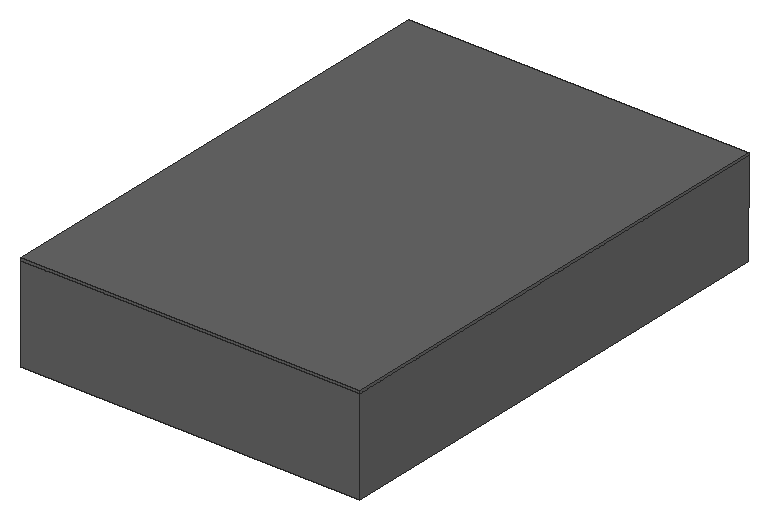
Revit family "Control_Panels-Lutron-Panel_Enclosure-LV21 NEW", category Electrical Equipment, host Face, Revit 2017
Family settings
  Host = Face
  Panel Configuration = Two Columns, Circuits Across
  Round Connector Dimension = Use Radius
  Part Type = Panelboard
  OmniClass Number = 23.80.30.11.17
  OmniClass Title = Distribution Boards and Control Panels
  Cut with Voids When Loaded = No
  Shared = No
  Room Calculation Point = No
Parameters (values of type "HQ-LV21-120")
  Wattage = ""
  Warranty URL = "http://www.lutron.com/en-US/Service-Support/Pages/Service/Warranty/Warranty.aspx"
  Voltage = "120.00 V"
  Video Link = "https://www.youtube.com/user/LutronElectronicsInc"
  Version = "2017 - v1.0a"  # constant formula
  Unit Weight = 0.00 lbf
  URL = "http://www.lutron.com"
  Type Comments = ""
  Surface = not(Recessed)  # yes
  Support Phone = "(224) 699-9545"  # constant formula
  Support Email = "mailto: support@anguleris.com"
  built-in parameter 1140142 = (empty or 0)
  built-in parameter 1140080 [instance] = (empty or 0)
  Series = "HomeWorks QS"  # constant formula
  Recessed = no
  Product Page URL = "http://www.lutron.com/en-US/Products/Pages/WholeHomeSystems/Homeworksqs/Overview.aspx"
  Product Name = "Low-Voltage Enclosure"  # constant formula
  Product Documentation Link = "http://www.lutron.com/TechnicalDocumentLibrary/369-381b_ENG.pdf"
  Power Factor = 1
  Phase = 1
  Performance URL = "http://www.lutron.com/en-US/Service-Support/Pages/Technical/PerfomanceSpecs.aspx"
  Panel Name [instance] = "HQ-LV21-120"
  Overall Width = 14 3/8"  # constant formula
  Overall Height = 21"  # constant formula
  Overall Depth = 4 23/256"  # constant formula
  Offset C = if(Recessed, 0", 4 23/256")  # 4 23/256"
  Number of Poles = 1
  Neutral Rating = 0.00%
  built-in parameter 1140145 = 1
  built-in parameter 1140081 [instance] = if(Recessed, "Recessed", "Surface")  # "Surface"
  built-in parameter 1140084 [instance] = (empty or 0)
  Model = "HQ-LV21-120"
  built-in parameter 1140079 [instance] = 8
  Material = ""
  Manufacturer Phone Number = "610-282-3800"  # constant formula
  Manufacturer Fax Number = "610-282-1243"  # constant formula
  Manufacturer Email = "mailto:support@lutron.com"
  Manufacturer Address = "7200 Suter Rd, Coopersburg, PA 18036"  # constant formula
  Manufacturer = "Lutron Electronics Co., Inc"  # constant formula
  Mains Type = ""
  built-in parameter 1140082 [instance] = 1 (stored number, unit not read)
  built-in parameter 1140140 = 1 (stored number, unit not read)
  Load Classification = Power
  Keynote = ""
  Instruction Sheet Link = "http://www.lutron.com/TechnicalDocumentLibrary/032164a.pdf"
  Ground Bus = yes
  Frequency = 60 Hz
  Finish = Steel - Lutron - Black
  Feed Through Control Circuit Voltage = 1.03572 V
  Feed Through Control Circuit Load [instance] = 0 VA
  built-in parameter 1140138 [instance] = "120 V"
  built-in parameter 1140083 [instance] = "21-inch Low-Voltage Enclosure (Model HQ-LV21-120)"
  Electrical Potential = 1.03572 V
  Description = "Low-Voltage Enclosure"  # constant formula
  Default Elevation = 0"
  Cost Info = "mailto:custsvc@lutron.com"
  Cost = 0
  Copyright = "© 2019 Lutron Electronics Co., Inc."  # constant formula
  built-in parameter 1140086 [instance] = (empty or 0)
  built-in parameter 1140085 [instance] = (empty or 0)
  built-in parameter 1140087 [instance] = 1
  built-in parameter 1140143 = (empty or 0)
  Assembly Code = "D5020"
Types (2): name | Voltage | Panel Name | Model | Feed Through Control Circuit Voltage | built-in parameter 1140138 | built-in parameter 1140083 | Electrical Potential
  HQ-LV21-120 | "120.00 V" | "HQ-LV21-120" | "HQ-LV21-120" | 1.03572 V | "120 V" | "21-inch Low-Voltage Enclosure (Model HQ-LV21-120)" | 1.03572 V
  L-LV21-230 | "230.00 V" | "L-LV21-230" | "L-LV21-230" | 1.04 V | "230 V" | "21-inch Low-Voltage Enclosure (Model L-LV21)" | 1.04 V
Reference planes (in)
  plane 1 "Center (Front/Back)": y = 0
  plane 2: z = 0
  plane 3 "Center (Left/Right)": x = 0
  plane 4: y = 21
  plane 5: x = 7.1875
  plane 6: x = -7.1875
  plane 7: z = 4.21484
  plane 8: x = 7.3375
  plane 9: x = -7.3375
  plane 10: y = 10.5
  plane 11: z = 4.08984
  plane 12: z = 0.00184
Forms (in)
  Extrusion 1, solid, material "Steel - Lutron - Black" <- "Finish"
    sketch origin (-60, -180, 12) x (-1, 0, 0) y (0, -1, 0)
      loop
        line (-52.6625, -201) -> (-52.6625, -180) -> (-67.3375, -180) -> (-67.3375, -201) -> (-52.6625, -201)
    from -11.99816 to -7.91016
  Extrusion 2, solid, material "Steel - Lutron - Black" <- "Finish"
    sketch origin (-60, -180, 12) x (-1, 0, 0) y (0, -1, 0)
      loop
        line (-52.6625, -201) -> (-52.6625, -180) -> (-67.3375, -180) -> (-67.3375, -201) -> (-52.6625, -201)
    from -7.91016 to -7.78516
Lines and regions (in)
  Split face 1
    outline origin (-60, -180, 4.21484) x (-1, 0, 0) y (0, -1, 0)
      loop
        line (-60.70313, -183.8125) -> (-64, -183.8125) -> (-64, -193.53125) -> (-60.70313, -193.53125) -> (-60.70313, -183.8125)
  Masking region 1
    outline origin (0, 0, 0) x (1, 0, 0) y (0, 0, 1)
      loop
        line (-7.3375, 4.21484) -> (-7.3375, 0) -> (7.3375, 0) -> (7.3375, 4.21484) -> (-7.3375, 4.21484)
  symbolic lines, detail levels fine
    curve 1: line (7.1875, 0, 0) -> (-7.1875, 0, 0)
    curve 6: line (4.14832, 19.04897, 12) -> (3.19792, 19.04897, 12)
    curve 7: line (4.14832, 18.79897, 12) -> (4.14832, 19.04897, 12)
    curve 8: line (3.19792, 18.79897, 12) -> (4.14832, 18.79897, 12)
    curve 9: line (3.19792, 19.04897, 12) -> (3.19792, 18.79897, 12)
    curve 10: line (4.14832, 18.67695, 12) -> (3.19792, 18.67695, 12)
    curve 11: line (4.14832, 18.42695, 12) -> (4.14832, 18.67695, 12)
    curve 12: line (3.19792, 18.42695, 12) -> (4.14832, 18.42695, 12)
    curve 13: line (3.19792, 18.67695, 12) -> (3.19792, 18.42695, 12)
    curve 14: line (4.14832, 18.30493, 12) -> (3.19792, 18.30493, 12)
    curve 15: line (4.14832, 18.05493, 12) -> (4.14832, 18.30493, 12)
    curve 16: line (3.19792, 18.05493, 12) -> (4.14832, 18.05493, 12)
    curve 17: line (3.19792, 18.30493, 12) -> (3.19792, 18.05493, 12)
    curve 22: line (3.03151, 19.04897, 12) -> (2.08112, 19.04897, 12)
    curve 23: line (3.03151, 18.79897, 12) -> (3.03151, 19.04897, 12)
    curve 24: line (2.08112, 18.79897, 12) -> (3.03151, 18.79897, 12)
    curve 25: line (2.08112, 19.04897, 12) -> (2.08112, 18.79897, 12)
    curve 26: line (3.03151, 18.67695, 12) -> (2.08112, 18.67695, 12)
    curve 27: line (3.03151, 18.42695, 12) -> (3.03151, 18.67695, 12)
    curve 28: line (2.08112, 18.42695, 12) -> (3.03151, 18.42695, 12)
    curve 29: line (2.08112, 18.67695, 12) -> (2.08112, 18.42695, 12)
    curve 30: line (3.03151, 18.30493, 12) -> (2.08112, 18.30493, 12)
    curve 31: line (3.03151, 18.05493, 12) -> (3.03151, 18.30493, 12)
    curve 32: line (2.08112, 18.05493, 12) -> (3.03151, 18.05493, 12)
    curve 33: line (2.08112, 18.30493, 12) -> (2.08112, 18.05493, 12)
    curve 34: line (1.91471, 19.04897, 12) -> (0.96432, 19.04897, 12)
    curve 35: line (1.91471, 18.79897, 12) -> (1.91471, 19.04897, 12)
    curve 36: line (0.96432, 18.79897, 12) -> (1.91471, 18.79897, 12)
    curve 37: line (0.96432, 19.04897, 12) -> (0.96432, 18.79897, 12)
    curve 38: line (1.91471, 18.67695, 12) -> (0.96432, 18.67695, 12)
    curve 39: line (1.91471, 18.42695, 12) -> (1.91471, 18.67695, 12)
    curve 40: line (0.96432, 18.42695, 12) -> (1.91471, 18.42695, 12)
    curve 41: line (0.96432, 18.67695, 12) -> (0.96432, 18.42695, 12)
    curve 42: line (1.91471, 18.30493, 12) -> (0.96432, 18.30493, 12)
    curve 43: line (1.91471, 18.05493, 12) -> (1.91471, 18.30493, 12)
    curve 44: line (0.96432, 18.05493, 12) -> (1.91471, 18.05493, 12)
    curve 45: line (0.96432, 18.30493, 12) -> (0.96432, 18.05493, 12)
    curve 46: line (0.79791, 19.04897, 12) -> (-0.15248, 19.04897, 12)
    curve 47: line (0.79791, 18.79897, 12) -> (0.79791, 19.04897, 12)
    curve 48: line (-0.15248, 18.79897, 12) -> (0.79791, 18.79897, 12)
    curve 49: line (-0.15248, 19.04897, 12) -> (-0.15248, 18.79897, 12)
    curve 50: line (0.79791, 18.67695, 12) -> (-0.15248, 18.67695, 12)
    curve 51: line (0.79791, 18.42695, 12) -> (0.79791, 18.67695, 12)
    curve 52: line (-0.15248, 18.42695, 12) -> (0.79791, 18.42695, 12)
    curve 53: line (-0.15248, 18.67695, 12) -> (-0.15248, 18.42695, 12)
    curve 54: line (0.79791, 18.30493, 12) -> (-0.15248, 18.30493, 12)
    curve 55: line (0.79791, 18.05493, 12) -> (0.79791, 18.30493, 12)
    curve 56: line (-0.15248, 18.05493, 12) -> (0.79791, 18.05493, 12)
    curve 57: line (-0.15248, 18.30493, 12) -> (-0.15248, 18.05493, 12)
    curve 58: line (-0.31889, 19.04897, 12) -> (-1.26929, 19.04897, 12)
    curve 59: line (-0.31889, 18.79897, 12) -> (-0.31889, 19.04897, 12)
    curve 60: line (-1.26929, 18.79897, 12) -> (-0.31889, 18.79897, 12)
    curve 61: line (-1.26929, 19.04897, 12) -> (-1.26929, 18.79897, 12)
    curve 62: line (-0.31889, 18.67695, 12) -> (-1.26929, 18.67695, 12)
    curve 63: line (-0.31889, 18.42695, 12) -> (-0.31889, 18.67695, 12)
    curve 64: line (-1.26929, 18.42695, 12) -> (-0.31889, 18.42695, 12)
    curve 65: line (-1.26929, 18.67695, 12) -> (-1.26929, 18.42695, 12)
    curve 66: line (-0.31889, 18.30493, 12) -> (-1.26929, 18.30493, 12)
    curve 67: line (-0.31889, 18.05493, 12) -> (-0.31889, 18.30493, 12)
    curve 68: line (-1.26929, 18.05493, 12) -> (-0.31889, 18.05493, 12)
    curve 69: line (-1.26929, 18.30493, 12) -> (-1.26929, 18.05493, 12)
    curve 70: line (-1.4357, 19.04897, 12) -> (-2.38609, 19.04897, 12)
    curve 71: line (-1.4357, 18.79897, 12) -> (-1.4357, 19.04897, 12)
    curve 72: line (-2.38609, 18.79897, 12) -> (-1.4357, 18.79897, 12)
    curve 73: line (-2.38609, 19.04897, 12) -> (-2.38609, 18.79897, 12)
    curve 74: line (-1.4357, 18.67695, 12) -> (-2.38609, 18.67695, 12)
    curve 75: line (-1.4357, 18.42695, 12) -> (-1.4357, 18.67695, 12)
    curve 76: line (-2.38609, 18.42695, 12) -> (-1.4357, 18.42695, 12)
    curve 77: line (-2.38609, 18.67695, 12) -> (-2.38609, 18.42695, 12)
    curve 78: line (-1.4357, 18.30493, 12) -> (-2.38609, 18.30493, 12)
    curve 79: line (-1.4357, 18.05493, 12) -> (-1.4357, 18.30493, 12)
    curve 80: line (-2.38609, 18.05493, 12) -> (-1.4357, 18.05493, 12)
    curve 81: line (-2.38609, 18.30493, 12) -> (-2.38609, 18.05493, 12)
    curve 82: line (-2.5525, 19.04897, 12) -> (-3.50289, 19.04897, 12)
    curve 83: line (-2.5525, 18.79897, 12) -> (-2.5525, 19.04897, 12)
    curve 84: line (-3.50289, 18.79897, 12) -> (-2.5525, 18.79897, 12)
    curve 85: line (-3.50289, 19.04897, 12) -> (-3.50289, 18.79897, 12)
    curve 86: line (-2.5525, 18.67695, 12) -> (-3.50289, 18.67695, 12)
    curve 87: line (-2.5525, 18.42695, 12) -> (-2.5525, 18.67695, 12)
    curve 88: line (-3.50289, 18.42695, 12) -> (-2.5525, 18.42695, 12)
    curve 89: line (-3.50289, 18.67695, 12) -> (-3.50289, 18.42695, 12)
    curve 90: line (-2.5525, 18.30493, 12) -> (-3.50289, 18.30493, 12)
    curve 91: line (-2.5525, 18.05493, 12) -> (-2.5525, 18.30493, 12)
    curve 92: line (-3.50289, 18.05493, 12) -> (-2.5525, 18.05493, 12)
    curve 93: line (-3.50289, 18.30493, 12) -> (-3.50289, 18.05493, 12)
    curve 94: line (4.14832, 17.67302, 12) -> (3.19792, 17.67302, 12)
    curve 95: line (4.14832, 17.42302, 12) -> (4.14832, 17.67302, 12)
    curve 96: line (3.19792, 17.42302, 12) -> (4.14832, 17.42302, 12)
    curve 97: line (3.19792, 17.67302, 12) -> (3.19792, 17.42302, 12)
    curve 98: line (4.14832, 17.301, 12) -> (3.19792, 17.301, 12)
    curve 99: line (4.14832, 17.051, 12) -> (4.14832, 17.301, 12)
    curve 100: line (3.19792, 17.051, 12) -> (4.14832, 17.051, 12)
    curve 101: line (3.19792, 17.301, 12) -> (3.19792, 17.051, 12)
    curve 102: line (4.14832, 16.92898, 12) -> (3.19792, 16.92898, 12)
    curve 103: line (4.14832, 16.67898, 12) -> (4.14832, 16.92898, 12)
    curve 104: line (3.19792, 16.67898, 12) -> (4.14832, 16.67898, 12)
    curve 105: line (3.19792, 16.92898, 12) -> (3.19792, 16.67898, 12)
    curve 106: line (3.03151, 17.67302, 12) -> (2.08112, 17.67302, 12)
    curve 107: line (3.03151, 17.42302, 12) -> (3.03151, 17.67302, 12)
    curve 108: line (2.08112, 17.42302, 12) -> (3.03151, 17.42302, 12)
    curve 109: line (2.08112, 17.67302, 12) -> (2.08112, 17.42302, 12)
    curve 110: line (3.03151, 17.301, 12) -> (2.08112, 17.301, 12)
    curve 111: line (3.03151, 17.051, 12) -> (3.03151, 17.301, 12)
    curve 112: line (2.08112, 17.051, 12) -> (3.03151, 17.051, 12)
    curve 113: line (2.08112, 17.301, 12) -> (2.08112, 17.051, 12)
    curve 114: line (3.03151, 16.92898, 12) -> (2.08112, 16.92898, 12)
    curve 115: line (3.03151, 16.67898, 12) -> (3.03151, 16.92898, 12)
    curve 116: line (2.08112, 16.67898, 12) -> (3.03151, 16.67898, 12)
    curve 117: line (2.08112, 16.92898, 12) -> (2.08112, 16.67898, 12)
    curve 118: line (1.91471, 17.67302, 12) -> (0.96432, 17.67302, 12)
    curve 119: line (1.91471, 17.42302, 12) -> (1.91471, 17.67302, 12)
    curve 120: line (0.96432, 17.42302, 12) -> (1.91471, 17.42302, 12)
    curve 121: line (0.96432, 17.67302, 12) -> (0.96432, 17.42302, 12)
    curve 122: line (1.91471, 17.301, 12) -> (0.96432, 17.301, 12)
    curve 123: line (1.91471, 17.051, 12) -> (1.91471, 17.301, 12)
    curve 124: line (0.96432, 17.051, 12) -> (1.91471, 17.051, 12)
    curve 125: line (0.96432, 17.301, 12) -> (0.96432, 17.051, 12)
    curve 126: line (1.91471, 16.92898, 12) -> (0.96432, 16.92898, 12)
    curve 127: line (1.91471, 16.67898, 12) -> (1.91471, 16.92898, 12)
    curve 128: line (0.96432, 16.67898, 12) -> (1.91471, 16.67898, 12)
    curve 129: line (0.96432, 16.92898, 12) -> (0.96432, 16.67898, 12)
    curve 130: line (0.79791, 17.67302, 12) -> (-0.15248, 17.67302, 12)
    curve 131: line (0.79791, 17.42302, 12) -> (0.79791, 17.67302, 12)
    curve 132: line (-0.15248, 17.42302, 12) -> (0.79791, 17.42302, 12)
    curve 133: line (-0.15248, 17.67302, 12) -> (-0.15248, 17.42302, 12)
    curve 134: line (0.79791, 17.301, 12) -> (-0.15248, 17.301, 12)
    curve 135: line (0.79791, 17.051, 12) -> (0.79791, 17.301, 12)
    curve 136: line (-0.15248, 17.051, 12) -> (0.79791, 17.051, 12)
    curve 137: line (-0.15248, 17.301, 12) -> (-0.15248, 17.051, 12)
    curve 138: line (0.79791, 16.92898, 12) -> (-0.15248, 16.92898, 12)
    curve 139: line (0.79791, 16.67898, 12) -> (0.79791, 16.92898, 12)
    curve 140: line (-0.15248, 16.67898, 12) -> (0.79791, 16.67898, 12)
    curve 141: line (-0.15248, 16.92898, 12) -> (-0.15248, 16.67898, 12)
    curve 142: line (-0.31889, 17.67302, 12) -> (-1.26929, 17.67302, 12)
    curve 143: line (-0.31889, 17.42302, 12) -> (-0.31889, 17.67302, 12)
    curve 144: line (-1.26929, 17.42302, 12) -> (-0.31889, 17.42302, 12)
    curve 145: line (-1.26929, 17.67302, 12) -> (-1.26929, 17.42302, 12)
    curve 146: line (-0.31889, 17.301, 12) -> (-1.26929, 17.301, 12)
    curve 147: line (-0.31889, 17.051, 12) -> (-0.31889, 17.301, 12)
    curve 148: line (-1.26929, 17.051, 12) -> (-0.31889, 17.051, 12)
    curve 149: line (-1.26929, 17.301, 12) -> (-1.26929, 17.051, 12)
    curve 150: line (-0.31889, 16.92898, 12) -> (-1.26929, 16.92898, 12)
    curve 151: line (-0.31889, 16.67898, 12) -> (-0.31889, 16.92898, 12)
    curve 152: line (-1.26929, 16.67898, 12) -> (-0.31889, 16.67898, 12)
    curve 153: line (-1.26929, 16.92898, 12) -> (-1.26929, 16.67898, 12)
    curve 154: line (-1.4357, 17.67302, 12) -> (-2.38609, 17.67302, 12)
    curve 155: line (-1.4357, 17.42302, 12) -> (-1.4357, 17.67302, 12)
    curve 156: line (-2.38609, 17.42302, 12) -> (-1.4357, 17.42302, 12)
    curve 157: line (-2.38609, 17.67302, 12) -> (-2.38609, 17.42302, 12)
    curve 158: line (-1.4357, 17.301, 12) -> (-2.38609, 17.301, 12)
    curve 159: line (-1.4357, 17.051, 12) -> (-1.4357, 17.301, 12)
    curve 160: line (-2.38609, 17.051, 12) -> (-1.4357, 17.051, 12)
    curve 161: line (-2.38609, 17.301, 12) -> (-2.38609, 17.051, 12)
    curve 162: line (-1.4357, 16.92898, 12) -> (-2.38609, 16.92898, 12)
    curve 163: line (-1.4357, 16.67898, 12) -> (-1.4357, 16.92898, 12)
    curve 164: line (-2.38609, 16.67898, 12) -> (-1.4357, 16.67898, 12)
    curve 165: line (-2.38609, 16.92898, 12) -> (-2.38609, 16.67898, 12)
    curve 166: line (-2.5525, 17.67302, 12) -> (-3.50289, 17.67302, 12)
    curve 167: line (-2.5525, 17.42302, 12) -> (-2.5525, 17.67302, 12)
    curve 168: line (-3.50289, 17.42302, 12) -> (-2.5525, 17.42302, 12)
    curve 169: line (-3.50289, 17.67302, 12) -> (-3.50289, 17.42302, 12)
    curve 170: line (-2.5525, 17.301, 12) -> (-3.50289, 17.301, 12)
    curve 171: line (-2.5525, 17.051, 12) -> (-2.5525, 17.301, 12)
    curve 172: line (-3.50289, 17.051, 12) -> (-2.5525, 17.051, 12)
    curve 173: line (-3.50289, 17.301, 12) -> (-3.50289, 17.051, 12)
    curve 174: line (-2.5525, 16.92898, 12) -> (-3.50289, 16.92898, 12)
    curve 175: line (-2.5525, 16.67898, 12) -> (-2.5525, 16.92898, 12)
    curve 176: line (-3.50289, 16.67898, 12) -> (-2.5525, 16.67898, 12)
    curve 177: line (-3.50289, 16.92898, 12) -> (-3.50289, 16.67898, 12)
    curve 178: line (4.14832, 16.34327, 12) -> (3.19792, 16.34327, 12)
    curve 179: line (4.14832, 16.09327, 12) -> (4.14832, 16.34327, 12)
    curve 180: line (3.19792, 16.09327, 12) -> (4.14832, 16.09327, 12)
    curve 181: line (3.19792, 16.34327, 12) -> (3.19792, 16.09327, 12)
    curve 182: line (4.14832, 15.97125, 12) -> (3.19792, 15.97125, 12)
    curve 183: line (4.14832, 15.72125, 12) -> (4.14832, 15.97125, 12)
    curve 184: line (3.19792, 15.72125, 12) -> (4.14832, 15.72125, 12)
    curve 185: line (3.19792, 15.97125, 12) -> (3.19792, 15.72125, 12)
    curve 186: line (4.14832, 15.59923, 12) -> (3.19792, 15.59923, 12)
    curve 187: line (4.14832, 15.34923, 12) -> (4.14832, 15.59923, 12)
    curve 188: line (3.19792, 15.34923, 12) -> (4.14832, 15.34923, 12)
    curve 189: line (3.19792, 15.59923, 12) -> (3.19792, 15.34923, 12)
    curve 190: line (3.03151, 16.34327, 12) -> (2.08112, 16.34327, 12)
    curve 191: line (3.03151, 16.09327, 12) -> (3.03151, 16.34327, 12)
    curve 192: line (2.08112, 16.09327, 12) -> (3.03151, 16.09327, 12)
    curve 193: line (2.08112, 16.34327, 12) -> (2.08112, 16.09327, 12)
    curve 194: line (3.03151, 15.97125, 12) -> (2.08112, 15.97125, 12)
    curve 195: line (3.03151, 15.72125, 12) -> (3.03151, 15.97125, 12)
    curve 196: line (2.08112, 15.72125, 12) -> (3.03151, 15.72125, 12)
    curve 197: line (2.08112, 15.97125, 12) -> (2.08112, 15.72125, 12)
    curve 198: line (3.03151, 15.59923, 12) -> (2.08112, 15.59923, 12)
    curve 199: line (3.03151, 15.34923, 12) -> (3.03151, 15.59923, 12)
    curve 200: line (2.08112, 15.34923, 12) -> (3.03151, 15.34923, 12)
    curve 201: line (2.08112, 15.59923, 12) -> (2.08112, 15.34923, 12)
    curve 202: line (1.91471, 16.34327, 12) -> (0.96432, 16.34327, 12)
    curve 203: line (1.91471, 16.09327, 12) -> (1.91471, 16.34327, 12)
    curve 204: line (0.96432, 16.09327, 12) -> (1.91471, 16.09327, 12)
    curve 205: line (0.96432, 16.34327, 12) -> (0.96432, 16.09327, 12)
    curve 206: line (1.91471, 15.97125, 12) -> (0.96432, 15.97125, 12)
    curve 207: line (1.91471, 15.72125, 12) -> (1.91471, 15.97125, 12)
    curve 208: line (0.96432, 15.72125, 12) -> (1.91471, 15.72125, 12)
    curve 209: line (0.96432, 15.97125, 12) -> (0.96432, 15.72125, 12)
    curve 210: line (1.91471, 15.59923, 12) -> (0.96432, 15.59923, 12)
    curve 211: line (1.91471, 15.34923, 12) -> (1.91471, 15.59923, 12)
    curve 212: line (0.96432, 15.34923, 12) -> (1.91471, 15.34923, 12)
    curve 213: line (0.96432, 15.59923, 12) -> (0.96432, 15.34923, 12)
    curve 214: line (0.79791, 16.34327, 12) -> (-0.15248, 16.34327, 12)
    curve 215: line (0.79791, 16.09327, 12) -> (0.79791, 16.34327, 12)
    curve 216: line (-0.15248, 16.09327, 12) -> (0.79791, 16.09327, 12)
    curve 217: line (-0.15248, 16.34327, 12) -> (-0.15248, 16.09327, 12)
    curve 218: line (0.79791, 15.97125, 12) -> (-0.15248, 15.97125, 12)
    curve 219: line (0.79791, 15.72125, 12) -> (0.79791, 15.97125, 12)
    curve 220: line (-0.15248, 15.72125, 12) -> (0.79791, 15.72125, 12)
    curve 221: line (-0.15248, 15.97125, 12) -> (-0.15248, 15.72125, 12)
    curve 222: line (0.79791, 15.59923, 12) -> (-0.15248, 15.59923, 12)
    curve 223: line (0.79791, 15.34923, 12) -> (0.79791, 15.59923, 12)
    curve 224: line (-0.15248, 15.34923, 12) -> (0.79791, 15.34923, 12)
    curve 225: line (-0.15248, 15.59923, 12) -> (-0.15248, 15.34923, 12)
    curve 226: line (-0.31889, 16.34327, 12) -> (-1.26929, 16.34327, 12)
    curve 227: line (-0.31889, 16.09327, 12) -> (-0.31889, 16.34327, 12)
    curve 228: line (-1.26929, 16.09327, 12) -> (-0.31889, 16.09327, 12)
    curve 229: line (-1.26929, 16.34327, 12) -> (-1.26929, 16.09327, 12)
    curve 230: line (-0.31889, 15.97125, 12) -> (-1.26929, 15.97125, 12)
    curve 231: line (-0.31889, 15.72125, 12) -> (-0.31889, 15.97125, 12)
    curve 232: line (-1.26929, 15.72125, 12) -> (-0.31889, 15.72125, 12)
    curve 233: line (-1.26929, 15.97125, 12) -> (-1.26929, 15.72125, 12)
    curve 234: line (-0.31889, 15.59923, 12) -> (-1.26929, 15.59923, 12)
    curve 235: line (-0.31889, 15.34923, 12) -> (-0.31889, 15.59923, 12)
    curve 236: line (-1.26929, 15.34923, 12) -> (-0.31889, 15.34923, 12)
    curve 237: line (-1.26929, 15.59923, 12) -> (-1.26929, 15.34923, 12)
    curve 238: line (-1.4357, 16.34327, 12) -> (-2.38609, 16.34327, 12)
    curve 239: line (-1.4357, 16.09327, 12) -> (-1.4357, 16.34327, 12)
    curve 240: line (-2.38609, 16.09327, 12) -> (-1.4357, 16.09327, 12)
    curve 241: line (-2.38609, 16.34327, 12) -> (-2.38609, 16.09327, 12)
    curve 242: line (-1.4357, 15.97125, 12) -> (-2.38609, 15.97125, 12)
    curve 243: line (-1.4357, 15.72125, 12) -> (-1.4357, 15.97125, 12)
    curve 244: line (-2.38609, 15.72125, 12) -> (-1.4357, 15.72125, 12)
    curve 245: line (-2.38609, 15.97125, 12) -> (-2.38609, 15.72125, 12)
    curve 246: line (-1.4357, 15.59923, 12) -> (-2.38609, 15.59923, 12)
    curve 247: line (-1.4357, 15.34923, 12) -> (-1.4357, 15.59923, 12)
    curve 248: line (-2.38609, 15.34923, 12) -> (-1.4357, 15.34923, 12)
    curve 249: line (-2.38609, 15.59923, 12) -> (-2.38609, 15.34923, 12)
    curve 250: line (-2.5525, 16.34327, 12) -> (-3.50289, 16.34327, 12)
    curve 251: line (-2.5525, 16.09327, 12) -> (-2.5525, 16.34327, 12)
    curve 252: line (-3.50289, 16.09327, 12) -> (-2.5525, 16.09327, 12)
    curve 253: line (-3.50289, 16.34327, 12) -> (-3.50289, 16.09327, 12)
    curve 254: line (-2.5525, 15.97125, 12) -> (-3.50289, 15.97125, 12)
    curve 255: line (-2.5525, 15.72125, 12) -> (-2.5525, 15.97125, 12)
    curve 256: line (-3.50289, 15.72125, 12) -> (-2.5525, 15.72125, 12)
    curve 257: line (-3.50289, 15.97125, 12) -> (-3.50289, 15.72125, 12)
    curve 258: line (-2.5525, 15.59923, 12) -> (-3.50289, 15.59923, 12)
    curve 259: line (-2.5525, 15.34923, 12) -> (-2.5525, 15.59923, 12)
    curve 260: line (-3.50289, 15.34923, 12) -> (-2.5525, 15.34923, 12)
    curve 261: line (-3.50289, 15.59923, 12) -> (-3.50289, 15.34923, 12)
    curve 262: line (4.14832, 15.01668, 12) -> (3.19792, 15.01668, 12)
    curve 263: line (4.14832, 14.76668, 12) -> (4.14832, 15.01668, 12)
    curve 264: line (3.19792, 14.76668, 12) -> (4.14832, 14.76668, 12)
    curve 265: line (3.19792, 15.01668, 12) -> (3.19792, 14.76668, 12)
    curve 266: line (4.14832, 14.64466, 12) -> (3.19792, 14.64466, 12)
    curve 267: line (4.14832, 14.39466, 12) -> (4.14832, 14.64466, 12)
    curve 268: line (3.19792, 14.39466, 12) -> (4.14832, 14.39466, 12)
    curve 269: line (3.19792, 14.64466, 12) -> (3.19792, 14.39466, 12)
    curve 270: line (4.14832, 14.27264, 12) -> (3.19792, 14.27264, 12)
    curve 271: line (4.14832, 14.02264, 12) -> (4.14832, 14.27264, 12)
    curve 272: line (3.19792, 14.02264, 12) -> (4.14832, 14.02264, 12)
    curve 273: line (3.19792, 14.27264, 12) -> (3.19792, 14.02264, 12)
    curve 274: line (3.03151, 15.01668, 12) -> (2.08112, 15.01668, 12)
    curve 275: line (3.03151, 14.76668, 12) -> (3.03151, 15.01668, 12)
    curve 276: line (2.08112, 14.76668, 12) -> (3.03151, 14.76668, 12)
    curve 277: line (2.08112, 15.01668, 12) -> (2.08112, 14.76668, 12)
    curve 278: line (3.03151, 14.64466, 12) -> (2.08112, 14.64466, 12)
    curve 279: line (3.03151, 14.39466, 12) -> (3.03151, 14.64466, 12)
    curve 280: line (2.08112, 14.39466, 12) -> (3.03151, 14.39466, 12)
    curve 281: line (2.08112, 14.64466, 12) -> (2.08112, 14.39466, 12)
    curve 282: line (3.03151, 14.27264, 12) -> (2.08112, 14.27264, 12)
    curve 283: line (3.03151, 14.02264, 12) -> (3.03151, 14.27264, 12)
    curve 284: line (2.08112, 14.02264, 12) -> (3.03151, 14.02264, 12)
    curve 285: line (2.08112, 14.27264, 12) -> (2.08112, 14.02264, 12)
    curve 286: line (1.91471, 15.01668, 12) -> (0.96432, 15.01668, 12)
    curve 287: line (1.91471, 14.76668, 12) -> (1.91471, 15.01668, 12)
    curve 288: line (0.96432, 14.76668, 12) -> (1.91471, 14.76668, 12)
    curve 289: line (0.96432, 15.01668, 12) -> (0.96432, 14.76668, 12)
    curve 290: line (1.91471, 14.64466, 12) -> (0.96432, 14.64466, 12)
    curve 291: line (1.91471, 14.39466, 12) -> (1.91471, 14.64466, 12)
    curve 292: line (0.96432, 14.39466, 12) -> (1.91471, 14.39466, 12)
    curve 293: line (0.96432, 14.64466, 12) -> (0.96432, 14.39466, 12)
    curve 294: line (1.91471, 14.27264, 12) -> (0.96432, 14.27264, 12)
    curve 295: line (1.91471, 14.02264, 12) -> (1.91471, 14.27264, 12)
    curve 296: line (0.96432, 14.02264, 12) -> (1.91471, 14.02264, 12)
    curve 297: line (0.96432, 14.27264, 12) -> (0.96432, 14.02264, 12)
    curve 298: line (0.79791, 15.01668, 12) -> (-0.15248, 15.01668, 12)
    curve 299: line (0.79791, 14.76668, 12) -> (0.79791, 15.01668, 12)
    curve 300: line (-0.15248, 14.76668, 12) -> (0.79791, 14.76668, 12)
    curve 301: line (-0.15248, 15.01668, 12) -> (-0.15248, 14.76668, 12)
    curve 302: line (0.79791, 14.64466, 12) -> (-0.15248, 14.64466, 12)
    curve 303: line (0.79791, 14.39466, 12) -> (0.79791, 14.64466, 12)
    curve 304: line (-0.15248, 14.39466, 12) -> (0.79791, 14.39466, 12)
    curve 305: line (-0.15248, 14.64466, 12) -> (-0.15248, 14.39466, 12)
    curve 306: line (0.79791, 14.27264, 12) -> (-0.15248, 14.27264, 12)
    curve 307: line (0.79791, 14.02264, 12) -> (0.79791, 14.27264, 12)
    curve 308: line (-0.15248, 14.02264, 12) -> (0.79791, 14.02264, 12)
    curve 309: line (-0.15248, 14.27264, 12) -> (-0.15248, 14.02264, 12)
    curve 310: line (-0.31889, 15.01668, 12) -> (-1.26929, 15.01668, 12)
    curve 311: line (-0.31889, 14.76668, 12) -> (-0.31889, 15.01668, 12)
    curve 312: line (-1.26929, 14.76668, 12) -> (-0.31889, 14.76668, 12)
    curve 313: line (-1.26929, 15.01668, 12) -> (-1.26929, 14.76668, 12)
    curve 314: line (-0.31889, 14.64466, 12) -> (-1.26929, 14.64466, 12)
    curve 315: line (-0.31889, 14.39466, 12) -> (-0.31889, 14.64466, 12)
    curve 316: line (-1.26929, 14.39466, 12) -> (-0.31889, 14.39466, 12)
    curve 317: line (-1.26929, 14.64466, 12) -> (-1.26929, 14.39466, 12)
    curve 318: line (-0.31889, 14.27264, 12) -> (-1.26929, 14.27264, 12)
    curve 319: line (-0.31889, 14.02264, 12) -> (-0.31889, 14.27264, 12)
    curve 320: line (-1.26929, 14.02264, 12) -> (-0.31889, 14.02264, 12)
    curve 321: line (-1.26929, 14.27264, 12) -> (-1.26929, 14.02264, 12)
    curve 322: line (-1.4357, 15.01668, 12) -> (-2.38609, 15.01668, 12)
    curve 323: line (-1.4357, 14.76668, 12) -> (-1.4357, 15.01668, 12)
    curve 324: line (-2.38609, 14.76668, 12) -> (-1.4357, 14.76668, 12)
    curve 325: line (-2.38609, 15.01668, 12) -> (-2.38609, 14.76668, 12)
    curve 326: line (-1.4357, 14.64466, 12) -> (-2.38609, 14.64466, 12)
    curve 327: line (-1.4357, 14.39466, 12) -> (-1.4357, 14.64466, 12)
    curve 328: line (-2.38609, 14.39466, 12) -> (-1.4357, 14.39466, 12)
    curve 329: line (-2.38609, 14.64466, 12) -> (-2.38609, 14.39466, 12)
    curve 330: line (-1.4357, 14.27264, 12) -> (-2.38609, 14.27264, 12)
    curve 331: line (-1.4357, 14.02264, 12) -> (-1.4357, 14.27264, 12)
    curve 332: line (-2.38609, 14.02264, 12) -> (-1.4357, 14.02264, 12)
    curve 333: line (-2.38609, 14.27264, 12) -> (-2.38609, 14.02264, 12)
    curve 334: line (-2.5525, 15.01668, 12) -> (-3.50289, 15.01668, 12)
    curve 335: line (-2.5525, 14.76668, 12) -> (-2.5525, 15.01668, 12)
    curve 336: line (-3.50289, 14.76668, 12) -> (-2.5525, 14.76668, 12)
    curve 337: line (-3.50289, 15.01668, 12) -> (-3.50289, 14.76668, 12)
    curve 338: line (-2.5525, 14.64466, 12) -> (-3.50289, 14.64466, 12)
    curve 339: line (-2.5525, 14.39466, 12) -> (-2.5525, 14.64466, 12)
    curve 340: line (-3.50289, 14.39466, 12) -> (-2.5525, 14.39466, 12)
    curve 341: line (-3.50289, 14.64466, 12) -> (-3.50289, 14.39466, 12)
    curve 342: line (-2.5525, 14.27264, 12) -> (-3.50289, 14.27264, 12)
    curve 343: line (-2.5525, 14.02264, 12) -> (-2.5525, 14.27264, 12)
    curve 344: line (-3.50289, 14.02264, 12) -> (-2.5525, 14.02264, 12)
    curve 345: line (-3.50289, 14.27264, 12) -> (-3.50289, 14.02264, 12)
    curve 346: line (4.14832, 3.05116, 12) -> (3.19792, 3.05116, 12)
    curve 347: line (4.14832, 2.80116, 12) -> (4.14832, 3.05116, 12)
    curve 348: line (3.19792, 2.80116, 12) -> (4.14832, 2.80116, 12)
    curve 349: line (3.19792, 3.05116, 12) -> (3.19792, 2.80116, 12)
    curve 350: line (4.14832, 2.67914, 12) -> (3.19792, 2.67914, 12)
    curve 351: line (4.14832, 2.42914, 12) -> (4.14832, 2.67914, 12)
    curve 352: line (3.19792, 2.42914, 12) -> (4.14832, 2.42914, 12)
    curve 353: line (3.19792, 2.67914, 12) -> (3.19792, 2.42914, 12)
    curve 354: line (4.14832, 2.30712, 12) -> (3.19792, 2.30712, 12)
    curve 355: line (4.14832, 2.05712, 12) -> (4.14832, 2.30712, 12)
    curve 356: line (3.19792, 2.05712, 12) -> (4.14832, 2.05712, 12)
    curve 357: line (3.19792, 2.30712, 12) -> (3.19792, 2.05712, 12)
    curve 358: line (3.03151, 3.05116, 12) -> (2.08112, 3.05116, 12)
    curve 359: line (3.03151, 2.80116, 12) -> (3.03151, 3.05116, 12)
    curve 360: line (2.08112, 2.80116, 12) -> (3.03151, 2.80116, 12)
    curve 361: line (2.08112, 3.05116, 12) -> (2.08112, 2.80116, 12)
    curve 362: line (3.03151, 2.67914, 12) -> (2.08112, 2.67914, 12)
    curve 363: line (3.03151, 2.42914, 12) -> (3.03151, 2.67914, 12)
    curve 364: line (2.08112, 2.42914, 12) -> (3.03151, 2.42914, 12)
    curve 365: line (2.08112, 2.67914, 12) -> (2.08112, 2.42914, 12)
    curve 366: line (3.03151, 2.30712, 12) -> (2.08112, 2.30712, 12)
    curve 367: line (3.03151, 2.05712, 12) -> (3.03151, 2.30712, 12)
    curve 368: line (2.08112, 2.05712, 12) -> (3.03151, 2.05712, 12)
    curve 369: line (2.08112, 2.30712, 12) -> (2.08112, 2.05712, 12)
    curve 370: line (1.91471, 3.05116, 12) -> (0.96432, 3.05116, 12)
    curve 371: line (1.91471, 2.80116, 12) -> (1.91471, 3.05116, 12)
    curve 372: line (0.96432, 2.80116, 12) -> (1.91471, 2.80116, 12)
    curve 373: line (0.96432, 3.05116, 12) -> (0.96432, 2.80116, 12)
    curve 374: line (1.91471, 2.67914, 12) -> (0.96432, 2.67914, 12)
    curve 375: line (1.91471, 2.42914, 12) -> (1.91471, 2.67914, 12)
    curve 376: line (0.96432, 2.42914, 12) -> (1.91471, 2.42914, 12)
    curve 377: line (0.96432, 2.67914, 12) -> (0.96432, 2.42914, 12)
    curve 378: line (1.91471, 2.30712, 12) -> (0.96432, 2.30712, 12)
    curve 379: line (1.91471, 2.05712, 12) -> (1.91471, 2.30712, 12)
    curve 380: line (0.96432, 2.05712, 12) -> (1.91471, 2.05712, 12)
    curve 381: line (0.96432, 2.30712, 12) -> (0.96432, 2.05712, 12)
    curve 382: line (0.79791, 3.05116, 12) -> (-0.15248, 3.05116, 12)
    curve 383: line (0.79791, 2.80116, 12) -> (0.79791, 3.05116, 12)
    curve 384: line (-0.15248, 2.80116, 12) -> (0.79791, 2.80116, 12)
    curve 385: line (-0.15248, 3.05116, 12) -> (-0.15248, 2.80116, 12)
    curve 386: line (0.79791, 2.67914, 12) -> (-0.15248, 2.67914, 12)
    curve 387: line (0.79791, 2.42914, 12) -> (0.79791, 2.67914, 12)
    curve 388: line (-0.15248, 2.42914, 12) -> (0.79791, 2.42914, 12)
    curve 389: line (-0.15248, 2.67914, 12) -> (-0.15248, 2.42914, 12)
    curve 390: line (0.79791, 2.30712, 12) -> (-0.15248, 2.30712, 12)
    curve 391: line (0.79791, 2.05712, 12) -> (0.79791, 2.30712, 12)
    curve 392: line (-0.15248, 2.05712, 12) -> (0.79791, 2.05712, 12)
    curve 393: line (-0.15248, 2.30712, 12) -> (-0.15248, 2.05712, 12)
    curve 394: line (-0.31889, 3.05116, 12) -> (-1.26929, 3.05116, 12)
    curve 395: line (-0.31889, 2.80116, 12) -> (-0.31889, 3.05116, 12)
    curve 396: line (-1.26929, 2.80116, 12) -> (-0.31889, 2.80116, 12)
    curve 397: line (-1.26929, 3.05116, 12) -> (-1.26929, 2.80116, 12)
    curve 398: line (-0.31889, 2.67914, 12) -> (-1.26929, 2.67914, 12)
    curve 399: line (-0.31889, 2.42914, 12) -> (-0.31889, 2.67914, 12)
    curve 400: line (-1.26929, 2.42914, 12) -> (-0.31889, 2.42914, 12)
    curve 401: line (-1.26929, 2.67914, 12) -> (-1.26929, 2.42914, 12)
    curve 402: line (-0.31889, 2.30712, 12) -> (-1.26929, 2.30712, 12)
    curve 403: line (-0.31889, 2.05712, 12) -> (-0.31889, 2.30712, 12)
    curve 404: line (-1.26929, 2.05712, 12) -> (-0.31889, 2.05712, 12)
    curve 405: line (-1.26929, 2.30712, 12) -> (-1.26929, 2.05712, 12)
    curve 406: line (-1.4357, 3.05116, 12) -> (-2.38609, 3.05116, 12)
    curve 407: line (-1.4357, 2.80116, 12) -> (-1.4357, 3.05116, 12)
    curve 408: line (-2.38609, 2.80116, 12) -> (-1.4357, 2.80116, 12)
    curve 409: line (-2.38609, 3.05116, 12) -> (-2.38609, 2.80116, 12)
    curve 410: line (-1.4357, 2.67914, 12) -> (-2.38609, 2.67914, 12)
    curve 411: line (-1.4357, 2.42914, 12) -> (-1.4357, 2.67914, 12)
    curve 412: line (-2.38609, 2.42914, 12) -> (-1.4357, 2.42914, 12)
    curve 413: line (-2.38609, 2.67914, 12) -> (-2.38609, 2.42914, 12)
    curve 414: line (-1.4357, 2.30712, 12) -> (-2.38609, 2.30712, 12)
    curve 415: line (-1.4357, 2.05712, 12) -> (-1.4357, 2.30712, 12)
    curve 416: line (-2.38609, 2.05712, 12) -> (-1.4357, 2.05712, 12)
    curve 417: line (-2.38609, 2.30712, 12) -> (-2.38609, 2.05712, 12)
    curve 418: line (-2.5525, 3.05116, 12) -> (-3.50289, 3.05116, 12)
    curve 419: line (-2.5525, 2.80116, 12) -> (-2.5525, 3.05116, 12)
    curve 420: line (-3.50289, 2.80116, 12) -> (-2.5525, 2.80116, 12)
    curve 421: line (-3.50289, 3.05116, 12) -> (-3.50289, 2.80116, 12)
    curve 422: line (-2.5525, 2.67914, 12) -> (-3.50289, 2.67914, 12)
    curve 423: line (-2.5525, 2.42914, 12) -> (-2.5525, 2.67914, 12)
    curve 424: line (-3.50289, 2.42914, 12) -> (-2.5525, 2.42914, 12)
    curve 425: line (-3.50289, 2.67914, 12) -> (-3.50289, 2.42914, 12)
    curve 426: line (-2.5525, 2.30712, 12) -> (-3.50289, 2.30712, 12)
    curve 427: line (-2.5525, 2.05712, 12) -> (-2.5525, 2.30712, 12)
    curve 428: line (-3.50289, 2.05712, 12) -> (-2.5525, 2.05712, 12)
    curve 429: line (-3.50289, 2.30712, 12) -> (-3.50289, 2.05712, 12)
  symbolic lines
    curve 2: circle (-6.85563, 18.86522, 12) r 0.14124 normal (0, 0, 1)
    curve 3: circle (-6.85563, 2.09696, 12) r 0.14124 normal (0, 0, 1)
    curve 4: circle (6.83771, 18.86522, 12) r 0.14124 normal (0, 0, -1)
    curve 5: circle (6.83771, 2.09696, 12) r 0.14124 normal (0, 0, -1)
  symbolic lines, not visible, detail levels fine
    curve 18: line (4.14832, 19.04897, 12) -> (3.19792, 19.04897, 12)
    curve 19: line (4.14832, 18.79897, 12) -> (4.14832, 19.04897, 12)
    curve 20: line (3.19792, 18.79897, 12) -> (4.14832, 18.79897, 12)
    curve 21: line (3.19792, 19.04897, 12) -> (3.19792, 18.79897, 12)
  symbolic lines, detail levels medium+fine
    curve 430: line (-7.3375, 0, 4.08984) -> (7.3375, 0, 4.08984)
Dimensions and locks (in)
  plane 7 to level = 4 55/256"
  "Overall Height": plane 1 "Center (Front/Back)" to plane 4
  "Overall Width": plane 6 to plane 5
  host sketch curve to plane 3 "Center (Left/Right)" = 48"  (x2)
  locked: host sketch curve to plane 3 "Center (Left/Right)" at 48  (x10)
  locked: host sketch curve to plane 1 "Center (Front/Back)" at 49.60406  (x5)
  host sketch curve to plane 1 "Center (Front/Back)" = 49.60406"
  locked: host sketch curve to plane 1 "Center (Front/Back)" at 48  (x5)
  host sketch curve to plane 1 "Center (Front/Back)" = 48"
  Extrusion 1 to level = 4 23/256"
  Extrusion 2 to level = 4 55/256"
  Extrusion 2 to level = 4 23/256"
  locked: plane 9 to plane 6 at 0.15
  locked: plane 5 to plane 8 at 0.15
  equal spacing: plane 6, plane 3 "Center (Left/Right)", plane 5
  equal spacing: plane 1 "Center (Front/Back)", plane 10, plane 4
  locked: plane 11 to plane 12 at 4.088
  "Offset C": plane 11 to level
  locked: plane 7 to plane 11 at 0.125
  equal spacing: group 1, group 2, group 3  (x2)
  equal spacing: group 3, group 2, group 1
  equal spacing: group 6, group 7, group 8  (x2)
  equal spacing: group 8, group 7, group 6
  equal spacing: group 29, group 25, group 21, group 17, group 13, group 9, group 4
  equal spacing: group 4, group 9, group 13, group 17, group 21, group 25, group 29  (x2)
  equal spacing: group 10, group 11, group 12  (x2)
  equal spacing: group 12, group 11, group 10
  equal spacing: group 14, group 15, group 16  (x2)
  equal spacing: group 16, group 15, group 14
  equal spacing: group 18, group 19, group 20  (x2)
  equal spacing: group 20, group 19, group 18
  equal spacing: group 22, group 23, group 24  (x2)
  equal spacing: group 24, group 23, group 22
  equal spacing: group 26, group 27, group 28  (x2)
  equal spacing: group 28, group 27, group 26
  equal spacing: group 30, group 31, group 32  (x2)
  equal spacing: group 32, group 31, group 30
  equal spacing: group 34, group 35, group 36  (x2)
  equal spacing: group 36, group 35, group 34
  equal spacing: group 38, group 39, group 40  (x2)
  equal spacing: group 40, group 39, group 38
  equal spacing: group 42, group 43, group 44  (x2)
  equal spacing: group 44, group 43, group 42
  equal spacing: group 46, group 47, group 48  (x2)
  equal spacing: group 48, group 47, group 46
  equal spacing: group 50, group 51, group 52  (x2)
  equal spacing: group 52, group 51, group 50
  equal spacing: group 54, group 55, group 56  (x2)
  equal spacing: group 56, group 55, group 54
  equal spacing: group 58, group 59, group 60  (x2)
  equal spacing: group 60, group 59, group 58
  equal spacing: group 62, group 63, group 64  (x2)
  equal spacing: group 64, group 63, group 62
  equal spacing: group 66, group 67, group 68  (x2)
  equal spacing: group 68, group 67, group 66
  equal spacing: group 70, group 71, group 72  (x2)
  equal spacing: group 72, group 71, group 70
  equal spacing: group 74, group 75, group 76  (x2)
  equal spacing: group 76, group 75, group 74
  equal spacing: group 78, group 79, group 80  (x2)
  equal spacing: group 80, group 79, group 78
  equal spacing: group 82, group 83, group 84  (x2)
  equal spacing: group 84, group 83, group 82
  equal spacing: group 86, group 87, group 88  (x2)
  equal spacing: group 88, group 87, group 86
  equal spacing: group 90, group 91, group 92  (x2)
  equal spacing: group 92, group 91, group 90
  equal spacing: group 94, group 95, group 96  (x2)
  equal spacing: group 96, group 95, group 94
  equal spacing: group 98, group 99, group 100  (x2)
  equal spacing: group 100, group 99, group 98
  equal spacing: group 102, group 103, group 104  (x2)
  equal spacing: group 104, group 103, group 102
  equal spacing: group 106, group 107, group 108  (x2)
  equal spacing: group 108, group 107, group 106
  equal spacing: group 110, group 111, group 112  (x2)
  equal spacing: group 112, group 111, group 110
  equal spacing: group 114, group 115, group 116  (x2)
  equal spacing: group 116, group 115, group 114
  equal spacing: group 118, group 119, group 120  (x2)
  equal spacing: group 120, group 119, group 118
  equal spacing: group 122, group 123, group 124  (x2)
  equal spacing: group 124, group 123, group 122
  equal spacing: group 126, group 127, group 128  (x2)
  equal spacing: group 128, group 127, group 126
  equal spacing: group 130, group 131, group 132  (x2)
  equal spacing: group 132, group 131, group 130
  equal spacing: group 134, group 135, group 136  (x2)
  equal spacing: group 136, group 135, group 134
  equal spacing: group 138, group 139, group 140  (x2)
  equal spacing: group 140, group 139, group 138
  aligned and locked: plane 2 to host face
  aligned and locked: level to host face
  aligned and locked: Masking region 1 sketch curve to plane 7
  aligned and locked: plane 2 to Masking region 1 sketch curve
  aligned and locked: plane 4 to Extrusion 2 sketch curve
  aligned and locked: Extrusion 2 sketch curve to plane 1 "Center (Front/Back)"
  aligned and locked: plane 9 to Extrusion 2 sketch curve
  aligned and locked: plane 8 to Extrusion 2 sketch curve
  aligned and locked: plane 9 to Extrusion 1 sketch curve
  aligned and locked: plane 8 to Extrusion 1 sketch curve
  aligned and locked: Extrusion 1 sketch curve to plane 1 "Center (Front/Back)"
  aligned and locked: plane 4 to Extrusion 1 sketch curve
  aligned and locked: plane 11 to Extrusion 1
  aligned and locked: Extrusion 2 to plane 11
  aligned and locked: plane 7 to Extrusion 2
  aligned and locked: Extrusion 1 to plane 12
  aligned and locked: plane 8 to Masking region 1 sketch curve
  aligned and locked: plane 9 to Masking region 1 sketch curve
  aligned and locked: curve 430 to plane 11
Automatic sketch dimensions
  plane 5 to curve 4 = 0.34979"
  plane 5 to curve 5 = 0.34979"
  plane 6 to curve 3 = 0.33187"
  plane 6 to curve 2 = 0.33187"
  plane 4 to curve 4 = 2.13478"
  plane 4 to curve 2 = 2.13478"
  curve 5 to plane 1 "Center (Front/Back)" = 2.09696"
  curve 3 to plane 1 "Center (Front/Back)" = 2.09696"
  Split face 1 sketch curve to Extrusion 2 = 3.3375"
  Split face 1 sketch curve to Split face 1 sketch curve = 3 19/64"
  Split face 1 sketch curve to Extrusion 2 = 7 15/32"
  Split face 1 sketch curve to Extrusion 2 = 3 13/16"
  curve 430 to plane 9 = 0"
  curve 1 to level = 0"
  curve 1 to plane 6 = 0"
  plane 5 to curve 1 = 0"
  plane 8 to curve 430 = 0"
  radius of curve 2 = 0.14124"
  radius of curve 3 = 0.14124"
  radius of curve 4 = 0.14124"
  radius of curve 5 = 0.14124"
Connectors (in)
  electrical at (0, 21, 2.04584)
    settings: on Extrusion 1, index 3, voltage 0 V, apparent load 0 VA, apparent load phase1 0 VA, apparent load phase2 0 VA, apparent load phase3 0 VA, power factor 1, load classification "Power", number of poles 1, system type 31, power factor state 1, is connector primary no, connector utility no, sub classification motor no, connector description "Power Connection"
  electrical at (-7.3375, 10.5, 2.04584), driven by "Number of Poles", driven by "Electrical Potential", driven by "Load Classification", driven by "Feed Through Control Circuit Load", driven by "Power Factor"
    settings: on Extrusion 1, index 4, voltage 1.03572 V, apparent load 0 VA, apparent load phase1 0 VA, apparent load phase2 0 VA, apparent load phase3 0 VA, power factor 1, load classification "Power", number of poles 1, system type 30, power factor state 1, is connector primary yes, connector utility no, sub classification motor no, connector description "Feed Through Control Circuit Connection"
